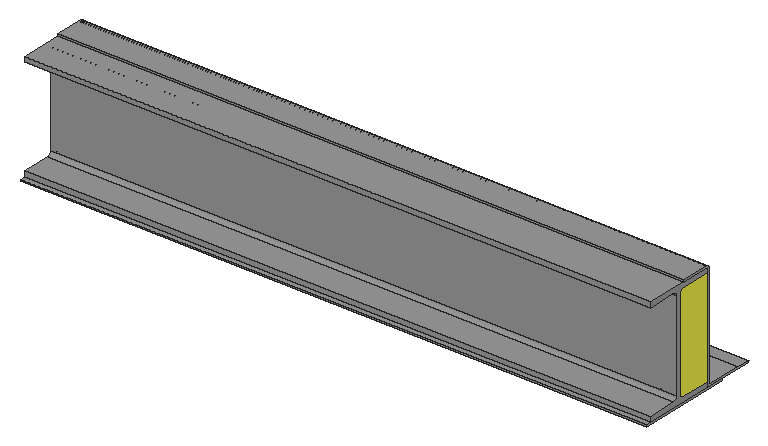
Revit family "XK 50", category Generic Models, Revit 2014
Parameters (values of type "Max liontel length 6600mm")
  URL = "http://www.keystonelintels.co.uk"
  Structural Opening [instance] = 900 mm
  Structural Performance = "The Keystone lintel range has safe working loads as detailed in each applicable loading table in the Keystone Lintel Guide brochure. The structural performance figures within each table have been ascertained by testing in accordance with the requirements of standards BS EN 5977-2: 1983 and BS EN 845-2: 2003."
  RIBA Productor Selector = "available for Keystone Lintels Ltd from Keystone Lintels Ltd from ribaproductselector.com"
  Model = "X/K 50"
  Min Length = 600 mm
  Min Clear Span = 300 mm
  Max Length = 6600 mm
  Max Clear Span = 6600 mm
  Material - Stainless Steel = "Grade 304 2b 1.4307 to BS EN 10088-2. Other grades available on request: contact manufacturer."
  Material - Galvanised Steel = "To BS EN 10346: 2009. DX51D plus Z600 or grade Z275 to BS 5977-2: 1983 (BS EN 845-2: 2003)."
  Manufacturer = "Keystone"
  Manufactured Length [instance] = (roundup(Effective Length / 150 mm) * 150 mm)  # 1200 mm
  Lintel height [instance] = 2100 mm
  Keynote = "F30/755"
  Fire Performance = "Keystone lintels have been subjected to a fire test (WARRES No. 101263) in accordance with BS 476-20: 1987, at Exova Warrington Fire and achieved a one hour fire performance."
  End Bearing = 150 mm
  Effective Length [instance] = Clear Opening with MIN MAX set + End Bearing * 2  # 1200 mm
  Corrosion = "Keystone’s standard range of lintels are manufactured from high quality grade pre-galvanized carbon steel with a zinc coating of 600"
  Contact Tel = "+44 (0)28 8676 2184"
  Contact Email = "info@keystonelintels.co.uk"
  Clear Opening with MIN MAX set [instance] = if(Structural Opening < Min Clear Span, Min Clear Span, (if(Structural Opening > Max Clear Span, Max Clear Span, Structural Opening)))  # 900 mm
  CPD Information = "Available for Keystone Lintels Ltd from ribacpd.com"
Reference planes
  plane 1 "Center (Front/Back)": y = 0
  plane 2: z = 0
  plane 3 "Center (Left/Right)": x = 0
  plane 4: x = -600
  plane 5: x = 600
  plane 6: z = 2100
  plane 7: x = -450
  plane 8: x = 450
Forms (mm)
  Extrusion 1, solid, material "Steel"
    sketch origin (0, 693.236, -506.841) x (0, 1, 0) y (0, 0, 1)
      loop
        line (-620.076, 2606.841) -> (-595.091, 2605.979) -> (-595.036, 2609.179) -> (-620.021, 2610.041) -> (-688.036, 2610.041)
        arc (-688.036, 2610.041) -> (-689.45, 2610.627) -> (-690.036, 2612.041) r 2
        line (-690.036, 2612.041) -> (-690.036, 2811.641)
        arc (-690.036, 2811.641) -> (-691.559, 2815.318) -> (-695.236, 2816.841) r 5.2
        line (-695.236, 2816.841) -> (-750.236, 2816.841) -> (-750.236, 2813.641) -> (-695.236, 2813.641)
        arc (-695.236, 2813.641) -> (-693.822, 2813.055) -> (-693.236, 2811.641) r 2
        line (-693.236, 2811.641) -> (-693.236, 2611.841)
        arc (-693.236, 2611.841) -> (-691.772, 2608.306) -> (-688.236, 2606.841) r 5
        line (-688.236, 2606.841) -> (-620.076, 2606.841)
    from -600 to 600
  Extrusion 2, solid, material "Steel"
    sketch origin (0, 693.236, -506.841) x (0, 1, 0) y (0, 0, 1)
      loop
        line (-695.236, 2813.641) -> (-829.136, 2813.641) -> (-829.136, 2804.041) -> (-772.986, 2804.041)
        arc (-772.986, 2804.041) -> (-767.612, 2801.815) -> (-765.386, 2796.441) r 7.6
        line (-765.386, 2796.441) -> (-765.386, 2624.041)
        arc (-765.386, 2624.041) -> (-767.612, 2618.667) -> (-772.986, 2616.441) r 7.6
        line (-772.986, 2616.441) -> (-829.136, 2616.441) -> (-829.136, 2606.841) -> (-695.236, 2606.841) -> (-695.236, 2616.441) -> (-751.386, 2616.441)
        arc (-751.386, 2616.441) -> (-756.76, 2618.667) -> (-758.986, 2624.041) r 7.6
        line (-758.986, 2624.041) -> (-758.986, 2796.441)
        arc (-758.986, 2796.441) -> (-756.76, 2801.815) -> (-751.386, 2804.041) r 7.6
        line (-751.386, 2804.041) -> (-695.236, 2804.041) -> (-695.236, 2813.641)
    from -600 to 600
  Extrusion 3, solid, material "Steel"
    sketch origin (0, 693.036, -506.841) x (0, 1, 0) y (0, 0, 1)
      loop
        line (-838.936, 2603.641) -> (-658.847, 2603.641) -> (-658.847, 2606.841) -> (-838.936, 2606.841) -> (-838.936, 2603.641)
    from -600 to 600
  Extrusion 4, solid, material "Insulation"
    sketch origin (0, 693.236, -506.841) x (0, 1, 0) y (0, 0, 1)
      loop
        line (-695.236, 2616.441) -> (-695.236, 2606.841) -> (-688.236, 2606.841)
        arc (-688.236, 2606.841) -> (-691.772, 2608.306) -> (-693.236, 2611.841) r 5
        line (-693.236, 2611.841) -> (-693.236, 2811.641)
        arc (-693.236, 2811.641) -> (-693.822, 2813.055) -> (-695.236, 2813.641) r 2
        line (-695.236, 2813.641) -> (-695.236, 2804.041) -> (-751.386, 2804.041)
        arc (-751.386, 2804.041) -> (-756.76, 2801.815) -> (-758.986, 2796.441) r 7.6
        line (-758.986, 2796.441) -> (-758.986, 2624.041)
        arc (-758.986, 2624.041) -> (-756.76, 2618.667) -> (-751.386, 2616.441) r 7.6
        line (-751.386, 2616.441) -> (-695.236, 2616.441)
    from -600 to 600
  Extrusion 5, solid, not visible
    sketch origin (0, 846.31, 1151.218) x (0, 1, 0) y (0, 0, 1)
      loop
        line (-620.076, 1006.841) -> (-595.091, 1005.979) -> (-595.036, 1009.179) -> (-620.021, 1010.041) -> (-688.036, 1010.041)
        arc (-688.036, 1010.041) -> (-689.45, 1010.627) -> (-690.036, 1012.041) r 2
        line (-690.036, 1012.041) -> (-690.036, 1211.641)
        arc (-690.036, 1211.641) -> (-691.559, 1215.318) -> (-695.236, 1216.841) r 5.2
        line (-695.236, 1216.841) -> (-750.236, 1216.841) -> (-750.236, 1213.641) -> (-695.236, 1213.641)
        arc (-695.236, 1213.641) -> (-693.822, 1213.055) -> (-693.236, 1211.641) r 2
        line (-693.236, 1211.641) -> (-693.236, 1011.841)
        arc (-693.236, 1011.841) -> (-691.772, 1008.306) -> (-688.236, 1006.841) r 5
        line (-688.236, 1006.841) -> (-620.076, 1006.841)
    from 0 to 250
  Extrusion 6, solid, not visible
    sketch origin (0, 540.578, 1174.404) x (0, 1, 0) y (0, 0, 1)
      loop
        line (-695.236, 1213.641) -> (-829.136, 1213.641) -> (-829.136, 1204.041) -> (-772.986, 1204.041)
        arc (-772.986, 1204.041) -> (-767.612, 1201.815) -> (-765.386, 1196.441) r 7.6
        line (-765.386, 1196.441) -> (-765.386, 1024.041)
        arc (-765.386, 1024.041) -> (-767.612, 1018.667) -> (-772.986, 1016.441) r 7.6
        line (-772.986, 1016.441) -> (-829.136, 1016.441) -> (-829.136, 1006.841) -> (-695.236, 1006.841) -> (-695.236, 1016.441) -> (-751.386, 1016.441)
        arc (-751.386, 1016.441) -> (-756.76, 1018.667) -> (-758.986, 1024.041) r 7.6
        line (-758.986, 1024.041) -> (-758.986, 1196.441)
        arc (-758.986, 1196.441) -> (-756.76, 1201.815) -> (-751.386, 1204.041) r 7.6
        line (-751.386, 1204.041) -> (-695.236, 1204.041) -> (-695.236, 1213.641)
    from 0 to 250
  Extrusion 7, solid, not visible
    sketch origin (0, 878.847, 1034.619) x (0, 1, 0) y (0, 0, 1)
      loop
        line (-838.936, 1003.641) -> (-658.847, 1003.641) -> (-658.847, 1006.841) -> (-838.936, 1006.841) -> (-838.936, 1003.641)
    from 0 to 250
  Extrusion 8, solid, not visible
    sketch origin (0, 499.094, 837.372) x (0, 1, 0) y (0, 0, 1)
      loop
        line (-695.236, 1016.441) -> (-695.236, 1006.841) -> (-688.236, 1006.841)
        arc (-688.236, 1006.841) -> (-691.772, 1008.306) -> (-693.236, 1011.841) r 5
        line (-693.236, 1011.841) -> (-693.236, 1211.641)
        arc (-693.236, 1211.641) -> (-693.822, 1213.055) -> (-695.236, 1213.641) r 2
        line (-695.236, 1213.641) -> (-695.236, 1204.041) -> (-751.386, 1204.041)
        arc (-751.386, 1204.041) -> (-756.76, 1201.815) -> (-758.986, 1196.441) r 7.6
        line (-758.986, 1196.441) -> (-758.986, 1024.041)
        arc (-758.986, 1024.041) -> (-756.76, 1018.667) -> (-751.386, 1016.441) r 7.6
        line (-751.386, 1016.441) -> (-695.236, 1016.441)
    from 0 to 250
Dimensions and locks
  equal spacing: plane 4, plane 3 "Center (Left/Right)", plane 5
  "Manufactured Length": plane 4 to plane 5
  "Lintel height": plane 6 to level
  "Structural Opening": plane 7 to plane 8
  equal spacing: plane 7, plane 3 "Center (Left/Right)", plane 8
  aligned and locked: level to plane 2
  aligned and locked: Extrusion 1 to plane 6
  aligned and locked: Extrusion 2 to plane 6
  aligned and locked: Extrusion 4 to plane 6
  aligned and locked: plane 6 to Extrusion 3
  aligned and locked: plane 5 to Extrusion 2
  aligned and locked: Extrusion 2 to plane 4
  aligned and locked: plane 5 to Extrusion 1
  aligned and locked: Extrusion 1 to plane 4
  aligned and locked: plane 5 to Extrusion 3
  aligned and locked: Extrusion 3 to plane 4
  aligned and locked: plane 5 to Extrusion 4
  aligned and locked: Extrusion 4 to plane 4
Automatic sketch dimensions
  Extrusion 1 sketch curve to Extrusion 1 sketch curve = 24.985 mm
  Extrusion 1 sketch curve to Extrusion 1 sketch curve = 0.055 mm  (x2)
  Extrusion 1 sketch curve to Extrusion 1 sketch curve = 0.862 mm
  Extrusion 1 sketch curve to Extrusion 1 sketch curve = 3.2 mm  (x2)
  Extrusion 1 sketch curve to Extrusion 1 sketch curve = 68.16 mm
  Extrusion 1 sketch curve to Extrusion 1 sketch curve = 0.2 mm  (x2)
  Extrusion 1 sketch curve to Extrusion 1 sketch curve = 1.8 mm
  Extrusion 1 sketch curve to Extrusion 1 sketch curve = 199.6 mm
  Extrusion 1 sketch curve to Extrusion 1 sketch curve = 2 mm
  Extrusion 1 sketch curve to Extrusion 1 sketch curve = 55 mm
  Extrusion 2 sketch curve to Extrusion 2 sketch curve = 56.15 mm  (x3)
  Extrusion 2 sketch curve to Extrusion 2 sketch curve = 9.6 mm  (x3)
  Extrusion 2 sketch curve to Extrusion 2 sketch curve = 77.75 mm
  Extrusion 2 sketch curve to Extrusion 2 sketch curve = 21.6 mm
  Extrusion 2 sketch curve to Extrusion 2 sketch curve = 7.6 mm  (x4)
  Extrusion 2 sketch curve to Extrusion 2 sketch curve = 172.4 mm
  Extrusion 2 sketch curve to Extrusion 2 sketch curve = 0 mm
  Extrusion 3 sketch curve to Extrusion 3 sketch curve = 180.089 mm
  Extrusion 3 sketch curve to Extrusion 3 sketch curve = 3.2 mm
  Extrusion 4 sketch curve to Extrusion 4 sketch curve = 7.6 mm  (x3)
  Extrusion 4 sketch curve to Extrusion 4 sketch curve = 56.15 mm  (x2)
  Extrusion 4 sketch curve to Extrusion 4 sketch curve = 2 mm
  Extrusion 4 sketch curve to Extrusion 4 sketch curve = 7 mm
  Extrusion 4 sketch curve to Extrusion 4 sketch curve = 4.6 mm
  Extrusion 4 sketch curve to Extrusion 4 sketch curve = 172.4 mm
  Extrusion 5 sketch curve to Extrusion 5 sketch curve = 24.985 mm
  Extrusion 5 sketch curve to Extrusion 5 sketch curve = 0.055 mm  (x2)
  Extrusion 5 sketch curve to Extrusion 5 sketch curve = 0.862 mm
  Extrusion 5 sketch curve to Extrusion 5 sketch curve = 3.2 mm  (x2)
  Extrusion 5 sketch curve to Extrusion 5 sketch curve = 68.16 mm
  Extrusion 5 sketch curve to Extrusion 5 sketch curve = 0.2 mm  (x2)
  Extrusion 5 sketch curve to Extrusion 5 sketch curve = 1.8 mm
  Extrusion 5 sketch curve to Extrusion 5 sketch curve = 199.6 mm
  Extrusion 5 sketch curve to Extrusion 5 sketch curve = 2 mm
  Extrusion 5 sketch curve to Extrusion 5 sketch curve = 0 mm  (x4)
  Extrusion 5 sketch curve to Extrusion 5 sketch curve = 55 mm
  Extrusion 6 sketch curve to Extrusion 6 sketch curve = 56.15 mm  (x3)
  Extrusion 6 sketch curve to Extrusion 6 sketch curve = 9.6 mm  (x3)
  Extrusion 6 sketch curve to Extrusion 6 sketch curve = 77.75 mm
  Extrusion 6 sketch curve to Extrusion 6 sketch curve = 21.6 mm
  Extrusion 6 sketch curve to Extrusion 6 sketch curve = 7.6 mm  (x4)
  Extrusion 6 sketch curve to Extrusion 6 sketch curve = 172.4 mm
  Extrusion 6 sketch curve to Extrusion 6 sketch curve = 0 mm
  Extrusion 7 sketch curve to Extrusion 7 sketch curve = 180.089 mm
  Extrusion 7 sketch curve to Extrusion 7 sketch curve = 3.2 mm
  Extrusion 8 sketch curve to Extrusion 8 sketch curve = 7.6 mm  (x3)
  Extrusion 8 sketch curve to Extrusion 8 sketch curve = 56.15 mm  (x2)
  Extrusion 8 sketch curve to Extrusion 8 sketch curve = 2 mm
  Extrusion 8 sketch curve to Extrusion 8 sketch curve = 7 mm
  Extrusion 8 sketch curve to Extrusion 8 sketch curve = 4.6 mm
  Extrusion 8 sketch curve to Extrusion 8 sketch curve = 172.4 mm
  Extrusion 1 sketch curve to Extrusion 1 sketch curve = 0 mm  (x4)
  Extrusion 3 sketch curve to plane 6 = 0 mm
  plane 1 "Center (Front/Back)" to Extrusion 3 sketch curve = 145.9 mm
  Extrusion 2 sketch curve to plane 6 = 0 mm
  plane 1 "Center (Front/Back)" to Extrusion 2 sketch curve = 135.9 mm
  Extrusion 4 sketch curve to plane 6 = 0 mm
  Extrusion 4 sketch curve to plane 1 "Center (Front/Back)" = 0 mm
  Extrusion 1 sketch curve to plane 1 "Center (Front/Back)" = 0 mm
  Extrusion 1 sketch curve to plane 6 = 0 mm
